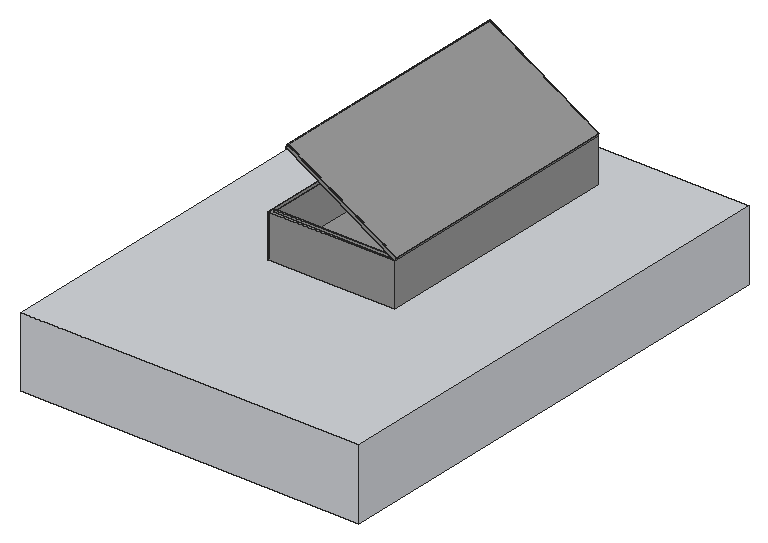
Revit family "Hager-Univers-IP54-D205-H1100-Cl.I-Encl-AT-de", category Equipement électrique, Revit 2020
Family settings
  Hôte = Face
  Configuration du panneau = Deux colonnes, circuits au sein
  Cote de connecteur circulaire = Utiliser le diamètre
  Type d'élément = Tableau de raccordement
  Couper avec des vides une fois chargée = Non
  Partagée = Non
  Point de calcul de pièce = Non
Parameters (values of type "Aufputz IP54 B550 H1100 T205  - FP72TW2")
  Width Control [instance] = if([EF000008 - Breite] > Min Width, [EF000008 - Breite], Min Width)  # 550 mm
  Commentaires du type = [HG000003 - Bereich]  # "Univers"
  Thickness Door [instance] = if([EF009171 - Materialstärke Tür/Deckel] > 3 mm, 3 mm, [EF009171 - Materialstärke Tür/Deckel])  # 1 mm
  Seal Frame Offset [instance] = 17 mm  # constant formula
  Plinth Visibility [instance] = [HG000027 - Sockelhöhe] > 0 mm  # no
  Model = ""
  Min Width [instance] = 100 mm  # constant formula
  Min Height [instance] = 100 mm  # constant formula
  Min Depth [instance] = (2 * [EF009170 - Materialstärke Gehäuse]) + 1 mm  # 3 mm
  Internal Frame Depth [instance] = (Door System Depth * 0.5)  # 9 mm
  Height Control [instance] = if([EF000040 - Höhe] > Min Height, [EF000040 - Höhe], Min Height)  # 1100 mm
  HG000027 - Sockelhöhe = 0 mm
  HG000026 - Stehend auf dem Boden = no
  HG000024 - Höhe des unteren Teils = 800 mm
  HG000023 - Gehäuse mit doppeltem Querschnitt = no
  HG000016 - 3D-Türsichtbarkeit [instance] = yes
  HG000015 - Sichtbarkeit der Türöffnung [instance] = no
  HG000014 - Tür rechts [instance] = yes
  HG000013 - Tür links [instance] = not([HG000014 - Tür rechts])  # no
  HG000012 - Türschwenkwinkel [instance] = 30.00°
  HG000010 - Asymmetrische Türen = no
  HG000009 - Doppelflügeligen Tür = no
  HG000006 - Unterputz = no
  HG000004 - Herstellerreferenz = "FP72TW2"
  HG000003 - Bereich = "Univers"
  HG000002 - Mit tür = yes
  Frame Offset Bottom [instance] = 10 mm  # constant formula
  Frame Offset [instance] = 15 mm  # constant formula
  EF015940 - Deckel mit Überdruckentlastung = no
  EF011959 - Schutzart (NEMA) = ""
  EF009554 - Anzahl der Öffnungen für Flanschplatten = 4
  Fabricant = "Hager"  # constant formula
  EF009212 - Ausführung Deckel = "EV000116 - geschlossen"
  EF009171 - Materialstärke Tür/Deckel = 1 mm
  EF009170 - Materialstärke Gehäuse = 1 mm
  EF008873 - Nennstrom (In) = 250 A
  EF007800 - Geeignet für Blitzschutz = no
  EF006306 - Mit Schloss = no
  EF006244 - Transparenter Deckel/Tür = no
  EF005474 - Schutzart (IP) = "EV006419 - IP54"
  EF004464 - Art der Tür = "EV002646 - Einzel"
  EF004427 - Anzahl der Module = 168
  EF004293 - Schlagfestigkeit = "EV006815 - IK09"
  EF003532 - Geeignet für Außengebrauch = no
  EF002950 - Breite in Teilungseinheiten = 24
  EF001613 - Funktionserhalt = "EV000494 - ohne"
  EF001596 - Werkstoff des Gehäuses = "EV000179 - Stahl"
  EF001131 - Innentiefe = 130 mm
  EF001088 - Anbaumöglichkeit = yes
  EF000437 - Anzahl der Leitungseinführungen = 4
  EF000339 - Art der Abdeckung = "EV001012 - Deckel"
  EF000266 - Anzahl der Reihen = 7
  EF000218 - Einbautiefe = 205 mm
  EF000118 - Mit Montageplatte = no
  EF000116 - RAL-Nummer = "9010"
  EF000049 - Tiefe = 205 mm
  EF000040 - Höhe = 1100 mm
  EF000008 - Breite = 550 mm
  EF000007 - Farbe = "EV000202 - weiß"
  EF000003 - Montageart = "EV000384 - Aufputz"
  Door System Leaf Tolerance [instance] = 1.5 mm  # constant formula
  Door System Depth [instance] = 18 mm  # constant formula
  Door Height [instance] = Height Control - [HG000027 - Sockelhöhe]  # 1100 mm
  Depth Control [instance] = if([EF000049 - Tiefe] > Min Depth, [EF000049 - Tiefe], Min Depth)  # 205 mm
  Default Elevation = 0 mm
  Connector Offset [instance] = Height Control / 2  # 550 mm
  Bottom Top Plate Trim [instance] = 1.5 mm  # constant formula
  Plinth height Ctrl [instance] = if([HG000027 - Sockelhöhe] > 0 mm, [HG000027 - Sockelhöhe], 12 mm)  # 12 mm
Types (3, lengths in mm): name | Width Control | HG000004 - Herstellerreferenz | EF009554 - Anzahl der Öffnungen für Flanschplatten | EF004464 - Art der Tür | EF004427 - Anzahl der Module | EF002950 - Breite in Teilungseinheiten | EF000437 - Anzahl der Leitungseinführungen | EF000008 - Breite
  Aufputz IP54 B1050 H1100 T205  - FP74TW2 | 1050 | "FP74TW2" | 8 | "EV003602 - Doppel" | 336 | 48 | 8 | 1050
  Aufputz IP54 B1300 H1100 T205  - FP75TW2 | 1300 | "FP75TW2" | 10 | "EV003602 - Doppel" | 420 | 60 | 10 | 1300
  Aufputz IP54 B550 H1100 T205  - FP72TW2 | 550 | "FP72TW2" | 4 | "EV002646 - Einzel" | 168 | 24 | 4 | 550
Reference planes
  plane 1 "Center (Front/Back)": y = 0
  plane 2: z = 0
  plane 3 "Center (Left/Right)": x = 0
  plane 4: z = 205
  plane 5: y = 1
  plane 6: y = 550
  plane 7: y = 0
  plane 8: y = 1100
  plane 9: z = 0
  plane 10: x = -260
  plane 11: x = 260
  plane 12: x = 259
  plane 13: x = -259
  plane 14: y = 1099
  plane 15: x = -258
  plane 16: x = -275
  plane 17: x = 258
  plane 18: x = 275
  plane 19: x = 274
  plane 20: x = -274
  plane 21: y = 11
  plane 22: y = 1100
  plane 23: y = 1084
  plane 24: z = 187
  plane 25: z = 1
  plane 26: z = 186
  plane 27: z = 204
Forms (mm)
  Extrusion 1, solid
    sketch origin (0, 0, 0) x (1, 0, 0) y (0, 1, 0)
      loop
        line (-702.964, 1305) -> (-702.964, -811.445) -> (766.763, -811.445) -> (766.763, 1305) -> (-702.964, 1305)
    from 0 to -304.8
  Extrusion 2, solid, material "Hager_Steel_RAL7035_Light_Grey", visible <- "Plinth Visibility", detail levels medium+fine
    sketch origin (0, 0, 0) x (1, 0, 0) y (0, 1, 0)
      loop
        line (-275, 0) -> (275, 0) -> (275, 12) -> (-275, 12) -> (-275, 0)
    from 0 to 187
  Extrusion 3, solid, material "Hager_Steel_RAL7035_Light_Grey", detail levels medium+fine
    sketch origin (0, 0, 0) x (1, 0, 0) y (0, 1, 0)
      loop
        line (-275, 0) -> (275, 0) -> (275, 1100) -> (-275, 1100) -> (-275, 0)
    from 0 to 187
  Extrusion 4, void
    sketch origin (0, 0, 0) x (1, 0, 0) y (0, 1, 0)
      loop
        line (-274, 1) -> (274, 1) -> (274, 1099) -> (-274, 1099) -> (-274, 1)
    from 1 to 186
  Extrusion 5, void
    sketch origin (-381.607, -4572, 187) x (0, -1, 0) y (-1, 0, 0)
      loop
        line (-4583, -122.607) -> (-5656, -122.607) -> (-5656, -640.607) -> (-4583, -640.607) -> (-4583, -122.607)
    from 0 to 1 <- "EF009170 - Materialstärke Gehäuse"
  Extrusion 6, solid, material "Hager_Steel_RAL7035_Light_Grey", detail levels fine
    sketch origin (0, 0, 187) x (1, 0, 0) y (0, 1, 0)
      loop
        line (-259, 1084) -> (-259, 11) -> (259, 11) -> (259, 1084) -> (-259, 1084)
      loop
        line (-260, 10) -> (260, 10) -> (260, 1085) -> (-260, 1085) -> (-260, 10)
    from 0 to 9 <- "Internal Frame Depth"
  Extrusion 7, solid, material "Hager_Steel_RAL7035_Light_Grey", detail levels coarse
    sketch origin (0, 0, 0) x (1, 0, 0) y (0, 1, 0)
      loop
        line (-275, 0) -> (275, 0) -> (275, 1100) -> (-275, 1100) -> (-275, 0)
    from 0 to 205
  Sweep 8, void
    path in 3D
      loop
        line (-275, 12, 0) -> (275, 12, 0) -> (275, 12, 187) -> (-275, 12, 187) -> (-275, 12, 0)
    profile origin (-275, 12, 93.5) x (-1, 0, 0) y (0, -1, 0)
      loop
        line (0, 0) -> (0, 1.5) -> (-1.5, 1.5)
        arc (-1.5, 1.5) -> (-1.061, 0.439) -> (0, 0) r 1.5
Cuts and joins
  Extrusion 4, Extrusion 5 cuts Extrusion 3
  Sweep 8 cuts Extrusion 2
Lines and regions (mm)
  Masking region 1
    outline origin (0, 0, 0) x (1, 0, 0) y (0, 0, 1)
      loop
        line (-275, 205) -> (-275, 0) -> (275, 0) -> (275, 205) -> (-275, 205)
  Masking region 2, detail levels medium+fine
    outline origin (0, 140, 0) x (0, 1, 0) y (0, 0, 1)
      loop
        line (-140, 0) -> (960, 0) -> (960, 187) -> (-140, 187) -> (-140, 0)
  Masking region 3, not visible, detail levels medium+fine
    outline origin (0, 297.922, 0) x (0, 1, 0) y (0, 0, 1)
      loop
        line (263.578, 0) -> (303.578, 0) -> (303.578, 194)
        arc (303.578, 194) -> (300.649, 201.071) -> (293.578, 204) r 10
        line (293.578, 204) -> (263.578, 204) -> (263.578, 0)
  Masking region 4, detail levels coarse
    outline origin (0, 0, 180) x (0, 1, 0) y (0, 0, 1)
      loop
        line (0, -180) -> (1100, -180) -> (1100, 25) -> (0, 25) -> (0, -180)
  Masking region 5, visible <- "Plinth Visibility", detail levels medium+fine
    outline origin (0, 52.24, 12.345) x (0, 0, -1) y (0, 1, 0)
      loop
        line (10.845, -40.24) -> (-173.155, -40.24)
        arc (-173.155, -40.24) -> (-173.594, -41.301) -> (-174.655, -41.74) r 1.5
        line (-174.655, -41.74) -> (-174.655, -52.24) -> (12.345, -52.24) -> (12.345, -41.74)
        arc (12.345, -41.74) -> (11.285, -41.301) -> (10.845, -40.24) r 1.5
  Masking region 6, detail levels medium+fine
    outline origin (-381.607, -4572, 187) x (-1, 0, 0) y (0, -1, 0)
      loop
        line (-106.607, -5672) -> (-106.607, -4572) -> (-656.607, -4572) -> (-656.607, -5672) -> (-106.607, -5672)
  Masking region 7, visible <- "Plinth Visibility", detail levels medium+fine
    outline origin (-381.607, -4727, 187) x (-1, 0, 0) y (0, -1, 0)
      loop
        arc (-108.107, -4739) -> (-107.668, -4737.939) -> (-106.607, -4737.5) r 1.5
        line (-106.607, -4737.5) -> (-106.607, -4727) -> (-656.607, -4727) -> (-656.607, -4737.5)
        arc (-656.607, -4737.5) -> (-655.546, -4737.939) -> (-655.107, -4739) r 1.5
        line (-655.107, -4739) -> (-108.107, -4739)
  Masking region 8, detail levels coarse
    outline origin (-442.548, -4669.526, 187) x (-1, 0, 0) y (0, -1, 0)
      loop
        line (-167.548, -5769.526) -> (-167.548, -4669.526) -> (-717.548, -4669.526) -> (-717.548, -5769.526) -> (-167.548, -5769.526)
  sketch lines
    curve 1: line (-275, 12, 187) -> (-275, 12, 0)
    curve 2: line (275, 12, 187) -> (-275, 12, 187)
    curve 3: line (275, 12, 187) -> (275, 12, 0)
    curve 4: line (-275, 12, 0) -> (275, 12, 0)
Dimensions and locks
  "Depth Control": plane 4 to Extrusion 1
  "HG000027 - Sockelhöhe": plane 1 "Center (Front/Back)" to plane 7
  "EF009170 - Materialstärke Gehäuse": plane 5 to plane 7
  locked: connector elem to plane 3 "Center (Left/Right)"
  equal spacing: plane 8, plane 6, plane 7
  locked: connector elem to plane 6
  "EF009170 - Materialstärke Gehäuse": plane 8 to plane 14
  "EF009170 - Materialstärke Gehäuse": plane 10 to plane 13
  "EF009170 - Materialstärke Gehäuse": plane 12 to plane 11
  "Frame Offset": plane 20 to plane 13
  "Frame Offset": plane 12 to plane 19
  "EF009170 - Materialstärke Gehäuse": plane 16 to plane 20
  "EF009170 - Materialstärke Gehäuse": plane 19 to plane 18
  "Seal Frame Offset": plane 16 to plane 15
  "Seal Frame Offset": plane 17 to plane 18
  "Frame Offset Bottom": plane 21 to plane 5
  "Frame Offset": plane 14 to plane 23
  equal spacing: plane 16, plane 3 "Center (Left/Right)", plane 18
  "Width Control": plane 16 to plane 18
  "EF009170 - Materialstärke Gehäuse": plane 4 to plane 27
  "EF009170 - Materialstärke Gehäuse": plane 24 to plane 26
  "EF009170 - Materialstärke Gehäuse": plane 25 to level
  "Door System Depth": plane 4 to plane 24
  "Height Control": plane 1 "Center (Front/Back)" to Extrusion 7 sketch curve
  "Height Control": Masking region 4 sketch curve to plane 1 "Center (Front/Back)"
  "Height Control": plane 1 "Center (Front/Back)" to plane 22
  "Bottom Top Plate Trim": profile plane to Sweep 8 sketch curve
  "Bottom Top Plate Trim": Sweep 8 sketch curve to profile plane
  "Plinth height Ctrl": plane 1 "Center (Front/Back)" to Extrusion 2 sketch curve
  "Plinth height Ctrl": Masking region 5 sketch curve to plane 1 "Center (Front/Back)"
  "Plinth height Ctrl": plane 1 "Center (Front/Back)" to Masking region 7 sketch curve
  "Thickness Door": Extrusion 6 sketch curve to Extrusion 6 sketch curve  (x3)
  "Thickness Door": cut or joined group of Extrusion 3, Extrusion 4, Extrusion 5 to Extrusion 6 sketch curve
  radius of Masking region 3 sketch curve = 10 mm
  "Bottom Top Plate Trim": radius of Masking region 5 sketch curve  (x2)
  "Bottom Top Plate Trim": radius of Sweep 8 sketch curve
  "Bottom Top Plate Trim": radius of Masking region 7 sketch curve  (x2)
  aligned and locked: plane 2 to Extrusion 1
  aligned and locked: level to Extrusion 1
  aligned and locked: level to Masking region 1 sketch curve
  aligned and locked: Masking region 1 sketch curve to plane 18
  aligned and locked: Masking region 1 sketch curve to plane 16
  aligned and locked: plane 7 to Masking region 2 sketch curve
  aligned and locked: level to Masking region 3 sketch curve
  aligned and locked: Masking region 3 sketch curve to plane 27
  aligned and locked: level to Masking region 2 sketch curve
  aligned and locked: plane 1 "Center (Front/Back)" to Extrusion 2 sketch curve
  aligned and locked: Extrusion 3 sketch curve to plane 7
  aligned and locked: plane 16 to Extrusion 3 sketch curve
  aligned and locked: plane 18 to Extrusion 3 sketch curve
  aligned and locked: plane 20 to Extrusion 4 sketch curve
  aligned and locked: plane 19 to Extrusion 4 sketch curve
  aligned and locked: Extrusion 4 sketch curve to plane 5
  aligned and locked: Extrusion 4 to plane 25
  aligned and locked: plane 26 to Extrusion 4
  aligned and locked: plane 24 to Extrusion 3
  aligned and locked: Extrusion 5 sketch curve to plane 21
  aligned and locked: Extrusion 5 sketch curve to plane 13
  aligned and locked: Extrusion 5 sketch curve to plane 12
  aligned and locked: plane 18 to Extrusion 7 sketch curve
  aligned and locked: plane 1 "Center (Front/Back)" to Extrusion 7 sketch curve
  aligned and locked: plane 16 to Extrusion 7 sketch curve
  aligned and locked: plane 4 to Extrusion 7
  aligned and locked: Extrusion 7 to level
  aligned and locked: level to Masking region 4 sketch curve
  aligned and locked: Masking region 4 sketch curve to plane 1 "Center (Front/Back)"
  aligned and locked: Masking region 4 sketch curve to plane 4
  aligned and locked: nested 1 to level
  aligned and locked: nested 1 to plane 16
  aligned and locked: plane 8 to Extrusion 3 sketch curve
  aligned and locked: plane 23 to Extrusion 5 sketch curve
  aligned and locked: plane 14 to Extrusion 4 sketch curve
  aligned and locked: Masking region 2 sketch curve to plane 8
  aligned and locked: level to Masking region 5 sketch curve
  aligned and locked: plane 16 to Extrusion 2 sketch curve
  aligned and locked: plane 18 to Extrusion 2 sketch curve
  aligned and locked: Masking region 5 sketch curve to plane 24
  aligned and locked: Masking region 2 sketch curve to plane 24
  aligned and locked: plane 24 to Extrusion 2
  aligned and locked: profile plane to Sweep 8 sketch curve  (x2)
  aligned and locked: Masking region 6 sketch curve to plane 18
  aligned and locked: Masking region 6 sketch curve to plane 22
  aligned and locked: Masking region 6 sketch curve to plane 16
  aligned and locked: plane 8 to plane 22
  aligned and locked: plane 7 to Masking region 6 sketch curve
  aligned and locked: Masking region 7 sketch curve to plane 16
  aligned and locked: Masking region 7 sketch curve to plane 1 "Center (Front/Back)"
  aligned and locked: Masking region 7 sketch curve to plane 18
  aligned and locked: Masking region 8 sketch curve to plane 1 "Center (Front/Back)"
  aligned and locked: Masking region 8 sketch curve to plane 18
  aligned and locked: Masking region 8 sketch curve to plane 22
  aligned and locked: Masking region 8 sketch curve to plane 16
  aligned and locked: nested 2 to plane 7
  aligned and locked: plane 3 "Center (Left/Right)" to nested 2
  aligned and locked: nested 2 to plane 24
  aligned and locked: Extrusion 6 sketch curve to cut or joined group of Extrusion 3, Extrusion 4, Extrusion 5  (x4)
Automatic sketch dimensions
  Extrusion 1 sketch curve to Extrusion 1 sketch curve = 1469.727 mm
  Extrusion 1 sketch curve to Extrusion 1 sketch curve = 2116.445 mm
  Masking region 1 sketch curve to plane 4 = 0 mm
  plane 6 to Masking region 3 sketch curve = 11.5 mm
  Masking region 3 sketch curve to Masking region 3 sketch curve = 30 mm
  Masking region 5 sketch curve to plane 1 "Center (Front/Back)" = 0 mm
Nested families
  nested 1: "Hager_Enclosure_Symbol" at (-275, 0, 0) x (1, 0, 0) z (0, -1, 0), Height <- "Depth Control", Width <- "Width Control", type "Hager_Enclosure_Symbol"
    with Width_Ctrl 550 mm, Width 550 mm, Height_Ctrl 205 mm, Height 205 mm, A_Width_Int 13.453 mm, A_Width 161.438 mm, A_Height_Ctrl 179.375 mm, A_Height 179.375 mm
  nested 2: "EC000058_Univers_Door" at (0, 0, 187) x (1, 0, 0) z (0, 1, 0), Leaf_Tolerance <- "Door System Leaf Tolerance", Angle <- "HG000012 - Türschwenkwinkel", Door_Depth <- "Door System Depth", Door_Left <- "HG000013 - Tür links", Transparent <- "EF006244 - Transparenter Deckel/Tür", Assymetrical <- "HG000010 - Asymmetrische Türen", Width <- "Width Control", Clearance <- "HG000015 - Sichtbarkeit der Türöffnung", Double <- "HG000009 - Doppelflügeligen Tür", 3d_Door <- "HG000016 - 3D-Türsichtbarkeit", Lock_Visibility <- "EF006306 - Mit Schloss", Width_Ctrl <- "Width Control", Door_Right <- "HG000014 - Tür rechts", Door <- "HG000002 - Mit tür", Height <- "Door Height", Thickness <- "Thickness Door", type "EC000058_Univers_Door", detail levels medium+fine
    with min_wh 3 mm, Width_Ctrl 550 mm, Width 550 mm, Transparent no, Thickness 1 mm, Seal_Material Hager_Rubber, Lock_Visibility no, Lock_Material Hager_Plastic_RAL9005_Jet_Black, Leaf_Width 550 mm, Leaf_Tolerance_External_Sides 0 mm, Leaf_Tolerance 1.5 mm, Leaf_Offset 0 mm, Leaf_Height 1097 mm, Leaf_2_Width 550 mm, Leaf_2_Offset 275 mm, Leaf_1_Width 550 mm, Leaf_1_Offset 275 mm, Height_Ctrl 1100 mm, Height 1100 mm, Glass_Material Hager_Glass, Double_Clearance_Ctrl no, Double no, Door_Right_Ctrl yes, Door_Right yes, Door_Material Hager_Steel_RAL7035_Light_Grey, Door_Left_Ctrl no, Door_Left no, Door_Depth 18 mm, Door yes, Clearance_Material Hager_Clearance, Clearance_Depth 550 mm, Clearance_Ctrl no, Clearance no, Assymetrical no, Angle 30.00°, 3d_Door yes
Connectors
  electrical at (0, 550, 0)
    settings: on plane 9, index 1, voltage 0 V, apparent load 0 VA, apparent load phase1 0 VA, apparent load phase2 0 VA, apparent load phase3 0 VA, power factor 1, load classification "Other", number of poles 1, system type 30, power factor state 1, is connector primary yes, connector utility no, sub classification motor no, connector description ""
Definition of nested family "EC000058_Univers_Door"
  Parameters (values of type "EC000058_Univers_Door")
    min_wh [instance] = (2 * Thickness) + 1 mm  # 11 mm
    Width_Ctrl [instance] = 400 mm
    Width [instance] = 500 mm
    Transparent [instance] = yes
    Thickness [instance] = 5 mm
    Seal_Material [instance] = none
    Lock_Visibility [instance] = yes
    Lock_Material [instance] = none
    Leaf_Width [instance] = if((Width_Ctrl - 2 * Leaf_Tolerance_External_Sides) > 0 mm, (Width_Ctrl - 2 * Leaf_Tolerance_External_Sides), min_wh)  # 400 mm
    Leaf_Tolerance_External_Sides [instance] = 0 mm  # constant formula
    Leaf_Tolerance [instance] = 1.5 mm
    Leaf_Offset [instance] = 0 mm  # constant formula
    Leaf_Height [instance] = if((Height_Ctrl - 2 * Leaf_Tolerance) > 0 mm, (Height_Ctrl - 2 * Leaf_Tolerance), min_wh)  # 497 mm
    Leaf_2_Width [instance] = if(and(and(Double, Assymetrical), Door_Left), (Leaf_Width / 3) - (Leaf_Tolerance / 2), if(and(and(Double, Assymetrical), Door_Right), (Leaf_Width / 3) * 2 - (Leaf_Tolerance / 2), if(and(Double, not(Assymetrical)), (Leaf_Width / 2) - Leaf_Tolerance, Leaf_Width)))  # 400 mm
    Leaf_2_Offset [instance] = if(and(Double, Assymetrical), Leaf_2_Width / 2, if(and(Double, not(Assymetrical)), Leaf_Width / 4, Leaf_Width / 2))  # 200 mm
    Leaf_1_Width [instance] = if(and(and(Double, Assymetrical), Door_Right), (Leaf_Width / 3) - (Leaf_Tolerance / 2), if(and(and(Double, Assymetrical), Door_Left), (Width / 3) * 2 - (Leaf_Tolerance / 2), if(and(Double, not(Assymetrical)), (Leaf_Width / 2) - Leaf_Tolerance, Leaf_Width)))  # 400 mm
    Leaf_1_Offset [instance] = if(and(Double, Assymetrical), Leaf_1_Width / 2, if(and(Double, not(Assymetrical)), Leaf_Width / 4, Leaf_Width / 2))  # 200 mm
    Height_Ctrl [instance] = if(Height > min_wh, Height, min_wh)  # 500 mm
    Height [instance] = 500 mm
    Glass_Material [instance] = none
    Double_Clearance_Ctrl [instance] = and(Double, Clearance)  # no
    Double [instance] = no
    Door_Right_Ctrl [instance] = and(or(Door_Right, Double), Door)  # yes
    Door_Right [instance] = yes
    Door_Material [instance] = none
    Door_Left_Ctrl [instance] = and(or(Door_Left, Double), Door)  # no
    Door_Left [instance] = no
    Door_Depth [instance] = 30 mm
    Door [instance] = yes
    Default Elevation = 1219.2 mm
    Clearance_Material [instance] = none
    Clearance_Depth [instance] = if(Leaf_1_Width > Leaf_2_Width, Leaf_1_Width, Leaf_2_Width)  # 400 mm
    Clearance_Ctrl [instance] = and(not(Double), Clearance)  # yes
    Clearance [instance] = yes
    Assymetrical [instance] = yes
    Angle [instance] = 30.00°
    3d_Door [instance] = yes
  Reference planes
    plane 1 "Center (Front/Back)": y = 0
    plane 2 "Bottom": z = 0
    plane 3 "Center (Left/Right)": x = 0
    plane 4: z = 500
    plane 5: x = -200
    plane 6: x = 200
    plane 7: z = 500
    plane 8: x = -200
    plane 9: z = 0
    plane 10: x = 200
    plane 11: y = 0
    plane 12: z = 1.5
    plane 13: x = -600
    plane 14: y = -400
    plane 15: x = 600
    plane 16: x = 0
    plane 17: x = 0
    plane 18: x = -200
    plane 19: x = 200
    plane 20: z = 498.5
  Forms (mm)
    Extrusion 1, solid, material <- "Clearance_Material", visible <- "Double_Clearance_Ctrl"
      sketch origin (1200, 0, 0) x (1, 0, 0) y (0, 0, -1)
        loop
          line (-1800, -498.5) -> (-600, -498.5) -> (-600, 0) -> (-1800, 0) -> (-1800, -498.5)
      from 0 to -400
  Dimensions and locks
    equal spacing: plane 5, plane 3 "Center (Left/Right)", plane 6
    "Width_Ctrl": plane 5 to plane 6
    "Leaf_Offset": plane 5 to plane 8
    "Leaf_Offset": plane 6 to plane 10
    "Leaf_Offset": plane 9 to level
    "Leaf_Offset": plane 4 to plane 7
    "Height_Ctrl": plane 4 to level
    "Leaf_Tolerance": plane 12 to plane 9
    locked: plane 11 to plane 1 "Center (Front/Back)"
    "Leaf_1_Offset": plane 18 to plane 16
    "Leaf_2_Offset": plane 17 to plane 19
    "Leaf_1_Width": plane 13 to plane 8
    "Leaf_2_Width": plane 10 to plane 15
    "Clearance_Depth": plane 14 to plane 1 "Center (Front/Back)"
    "Leaf_Tolerance_External_Sides": plane 8 to plane 18
    "Leaf_Tolerance_External_Sides": plane 19 to plane 10
    "Leaf_Tolerance": plane 7 to plane 20
    aligned and locked: level to plane 2 "Bottom"
    aligned and locked: nested 1 to plane 16
    aligned and locked: nested 2 to plane 17
    aligned and locked: Extrusion 1 to plane 13
    aligned and locked: plane 15 to Extrusion 1
    aligned and locked: Extrusion 1 to plane 14
    aligned and locked: plane 12 to nested 1
    aligned and locked: nested 2 to plane 12
    aligned and locked: Extrusion 1 to plane 11
    aligned and locked: plane 20 to Extrusion 1
    aligned and locked: nested 2 to plane 11
    aligned and locked: nested 1 to plane 11
  Automatic sketch dimensions
    Extrusion 1 sketch curve to level = 0 mm
    plane 5 to Extrusion 1 sketch curve = 400 mm
    plane 6 to Extrusion 1 sketch curve = 400 mm
    Extrusion 1 sketch curve to plane 4 = 1.5 mm
  Nested families
    nested 1: "EC000058_Univers_Door_Leaf" at (0, 0, 1.5), Width <- "Leaf_1_Width", visible <- "Door_Left_Ctrl", Leaf_Height <- "Leaf_Height", Angle <- "Angle", 3d_Door <- "3d_Door", Transparent <- "Transparent", Clearance Material <- "Clearance_Material", Clearance <- "Clearance_Ctrl", Door_Material <- "Door_Material", Glass_Material <- "Glass_Material", Door_Depth <- "Door_Depth", Lock_Material <- "Lock_Material", Seal_Material <- "Seal_Material", Lock_Visibility <- "Lock_Visibility", Thickness <- "Thickness", type "EC000058_Univers_Door_Leaf"
      with Width 400 mm, Transparent_Glass_Offset 30 mm, Transparent_Ctrl yes, Transparent yes, Thickness 5 mm, Standard no, Seal_Material none, Seal_D2 8 mm, Seal_D1 1 mm, Offset_Internal_Frame 10 mm, Lock_Width 20 mm, Lock_Visibility_3d yes, Lock_Visibility yes, Lock_Thickness_3 3 mm, Lock_Thickness_2 1 mm, Lock_Thickness_1 3 mm, Lock_Radius_Offset_2 16 mm, Lock_Radius_Offset_1 15 mm, Lock_Radius_2 5 mm, Lock_Radius 6 mm, Lock_Offset 5 mm, Lock_Material none, Lock_Height 80 mm, Lock_Cover_Top_Offset_2d 17 mm, Lock_Cover_Height -65 mm, Leaf_Height 497 mm, Internal_Seal_Thickness 8 mm, Internal_Seal_Depth_2 4.5 mm, Internal_Frame_Depth 25 mm, Glass_Thickness -1 mm, Glass_Offset -2 mm, Glass_Material none, Door_Material none, Door_Depth 30 mm, Clearance Material none, Clearance yes, Angle_Ctrl 30.00°, Angle 30.00°, 3d_Door yes
    nested 2: "EC000058_Univers_Door_Leaf" at (0, 0, 1.5) x (-1, 0, 0) z (0, 0, 1), Width <- "Leaf_2_Width", visible <- "Door_Right_Ctrl", Leaf_Height <- "Leaf_Height", Angle <- "Angle", 3d_Door <- "3d_Door", Transparent <- "Transparent", Clearance Material <- "Clearance_Material", Clearance <- "Clearance_Ctrl", Door_Material <- "Door_Material", Glass_Material <- "Glass_Material", Door_Depth <- "Door_Depth", Lock_Material <- "Lock_Material", Seal_Material <- "Seal_Material", Lock_Visibility <- "Lock_Visibility", Thickness <- "Thickness", type "EC000058_Univers_Door_Leaf"
      with Width 400 mm, Transparent_Glass_Offset 30 mm, Transparent_Ctrl yes, Transparent yes, Thickness 5 mm, Standard no, Seal_Material none, Seal_D2 8 mm, Seal_D1 1 mm, Offset_Internal_Frame 10 mm, Lock_Width 20 mm, Lock_Visibility_3d yes, Lock_Visibility yes, Lock_Thickness_3 3 mm, Lock_Thickness_2 1 mm, Lock_Thickness_1 3 mm, Lock_Radius_Offset_2 16 mm, Lock_Radius_Offset_1 15 mm, Lock_Radius_2 5 mm, Lock_Radius 6 mm, Lock_Offset 5 mm, Lock_Material none, Lock_Height 80 mm, Lock_Cover_Top_Offset_2d 17 mm, Lock_Cover_Height -65 mm, Leaf_Height 497 mm, Internal_Seal_Thickness 8 mm, Internal_Seal_Depth_2 4.5 mm, Internal_Frame_Depth 25 mm, Glass_Thickness -1 mm, Glass_Offset -2 mm, Glass_Material none, Door_Material none, Door_Depth 30 mm, Clearance Material none, Clearance yes, Angle_Ctrl 30.00°, Angle 30.00°, 3d_Door yes
  Definition of nested family "EC000058_Univers_Door_Leaf"
    Parameters (values of type "EC000058_Univers_Door_Leaf")
      Width [instance] = 2000 mm
      Transparent_Glass_Offset [instance] = 30 mm
      Transparent_Ctrl [instance] = and(Transparent, [3d_Door])  # yes
      Transparent [instance] = yes
      Thickness [instance] = 5 mm
      Standard [instance] = and(not(Transparent), [3d_Door])  # no
      Seal_Material [instance] = none
      Seal_D2 [instance] = 8 mm  # constant formula
      Seal_D1 [instance] = 1 mm  # constant formula
      Offset_Internal_Frame [instance] = 10 mm  # constant formula
      Lock_Width [instance] = 20 mm  # constant formula
      Lock_Visibility_3d [instance] = and(Lock_Visibility, [3d_Door])  # yes
      Lock_Visibility [instance] = yes
      Lock_Thickness_3 [instance] = 3 mm  # constant formula
      Lock_Thickness_2 [instance] = 1 mm  # constant formula
      Lock_Thickness_1 [instance] = 3 mm  # constant formula
      Lock_Radius_Offset_2 [instance] = Lock_Radius_Offset_1 + 1 mm  # 16 mm
      Lock_Radius_Offset_1 [instance] = 15 mm  # constant formula
      Lock_Radius_2 [instance] = Lock_Radius - 1 mm  # 5 mm
      Lock_Radius [instance] = 6 mm  # constant formula
      Lock_Offset [instance] = 5 mm  # constant formula
      Lock_Material [instance] = none
      Lock_Height [instance] = 80 mm  # constant formula
      Lock_Cover_Top_Offset_2d [instance] = Lock_Radius_Offset_2 + 1 mm  # 17 mm
      Lock_Cover_Height [instance] = -(Lock_Height - Lock_Radius_Offset_1)  # -65 mm
      Leaf_Height [instance] = 2720.336 mm
      Internal_Seal_Thickness [instance] = 8 mm  # constant formula
      Internal_Seal_Depth_2 [instance] = 4.5 mm  # constant formula
      Internal_Frame_Depth [instance] = if(Door_Depth - Thickness > 5 mm, Door_Depth - Thickness, 5 mm)  # 25 mm
      Glass_Thickness [instance] = if(Thickness > 15 mm, Glass_Offset + 10 mm, -1 mm)  # -1 mm
      Glass_Offset [instance] = if(Thickness > 15 mm, -(Thickness + 10 mm) / 2, -2 mm)  # -2 mm
      Glass_Material [instance] = none
      Door_Material [instance] = none
      Door_Depth [instance] = 30 mm
      Default Elevation = 0 mm
      Clearance Material [instance] = none
      Clearance [instance] = yes
      Angle_Ctrl [instance] = if(Angle > 180.00°, 180.00°, Angle)  # 90.00°
      Angle [instance] = 90.00°
      3d_Door [instance] = yes
    Reference planes
      plane 1 "Center (Front/Back)": y = 0
      plane 2: z = 0
      plane 3 "Center (Left/Right)": x = 0
      plane 4: y = 2000
      plane 5: x = -1000
      plane 6: x = 1000
      plane 7: x = -3000
      plane 8: z = 2720.336
      plane 9: z = 30
      plane 10: z = 2690.336
      plane 11: x = 970
      plane 12: x = -970
      plane 13: y = -3
      plane 14: z = 107.833
      plane 15: y = -5
      plane 16: y = -223.314
      plane 17: x = -1000
      plane 18: z = 1360.168
      plane 19: y = 30
    Forms (mm)
      Extrusion 1, solid, material <- "Clearance Material", visible <- "Clearance"
        sketch origin (0, 0, 0) x (1, 0, 0) y (0, 0, 1)
          loop
            line (-3000, 2720.336) -> (-3000, 0) -> (1000, 0) -> (1000, 2720.336) -> (-3000, 2720.336)
        from 0 to -2000
      Extrusion 2, solid, material <- "Door_Material", visible <- "Standard", detail levels medium+fine
        sketch origin (-1000, 0, 0) x (0, 1, 0) y (-1, 0, 0)
          loop
            line (0, 30) -> (0, 25) -> (2000, 25) -> (2000, 30) -> (0, 30)
        from 0 to 2720.336 <- "Leaf_Height"
      Extrusion 3, solid, material <- "Door_Material", visible <- "Transparent_Ctrl", detail levels medium+fine
        sketch origin (-1000, 0, 0) x (0, 1, 0) y (-1, 0, 0)
          loop
            line (0, 25) -> (2000, 25) -> (2000, 30) -> (0, 30) -> (0, 25)
        from 0 to 2720.336 <- "Leaf_Height"
      Extrusion 4, void
        sketch origin (-1025, 2000, 0) x (0, 1, 0) y (0, 0, -1)
          loop
            line (-30, -2690.336) -> (-30, -30) -> (-1970, -30) -> (-1970, -2690.336) -> (-30, -2690.336)
        from 0 to 5 <- "Thickness"
      Sweep 5, solid, material <- "Seal_Material", visible <- "Transparent_Ctrl", detail levels fine
        path in 3D
          loop
            line (-1025, 30, 30) -> (-1025, 30, 2690.336) -> (-1025, 1970, 2690.336) -> (-1025, 1970, 30) -> (-1025, 30, 30)
        profile origin (-1025, 1000, 30) x (1, 0, 0) y (0, 0, 1)
          loop
            line (0, 0) -> (0, -8) -> (1, -8) -> (1, 0) -> (0, 0)
      Extrusion 6, solid, material <- "Glass_Material", visible <- "Transparent_Ctrl", detail levels medium+fine
        sketch origin (-1030, 0, 0) x (0, 1, 0) y (0, 0, -1)
          loop
            line (1970, -2690.336) -> (1970, -30) -> (30, -30) -> (30, -2690.336) -> (1970, -2690.336)
        from -2 <- "Glass_Offset" to -1 <- "Glass_Thickness"
      Extrusion 7, solid, material <- "Door_Material", visible <- "3d_Door", detail levels medium+fine
        sketch origin (-1025, 2000, 0) x (0, -1, 0) y (0, 0, -1)
          loop
            line (0, -2720.336) -> (2000, -2720.336) -> (2000, 0) -> (0, 0) -> (0, -2720.336)
          loop
            line (1995, -5) -> (5, -5) -> (5, -2715.336) -> (1995, -2715.336) -> (1995, -5)
        from 0 to 25 <- "Internal_Frame_Depth"
      Sweep 8, solid, material <- "Seal_Material", visible <- "Transparent_Ctrl", detail levels fine
        path in 3D
          loop
            line (-1025, 0, 0) -> (-1025, 2000, 0) -> (-1025, 2000, 2720.336) -> (-1025, 0, 2720.336) -> (-1025, 0, 0)
        profile origin (-1025, 0, 1360.168) x (1, 0, 0) y (0, 1, 0)
          loop
            line (0, 10) -> (2.975, 10)
            arc (2.975, 10) -> (4.053, 10.447) -> (4.5, 11.525) r 1.525
            line (4.5, 11.525) -> (4.5, 16.527)
            arc (4.5, 16.527) -> (4.069, 17.569) -> (3.027, 18) r 1.473
            line (3.027, 18) -> (0, 18) -> (0, 10)
      Extrusion 9, solid, material <- "Lock_Material", visible <- "Lock_Visibility_3d", detail levels fine
        sketch origin (-1030, 0, 0) x (0, 1, 0) y (0, 0, -1)
          loop
            arc (1993.5, -1400.168) -> (1994.561, -1399.729) -> (1995, -1398.668) r 1.5
            line (1995, -1398.668) -> (1995, -1320.168) -> (1975, -1320.168) -> (1975, -1398.668)
            arc (1975, -1398.668) -> (1975.439, -1399.729) -> (1976.5, -1400.168) r 1.5
            line (1976.5, -1400.168) -> (1993.5, -1400.168)
        from 3 <- "Lock_Thickness_1" to 0
      Blend 10, solid, material <- "Lock_Material", visible <- "Lock_Visibility_3d", detail levels fine
        base sketch origin (-1033, 0, 0) x (0, 1, 0) y (0, 0, -1)
          loop
            line (1975, -1320.168) -> (1975, -1398.668)
            arc (1975, -1398.668) -> (1975.439, -1399.729) -> (1976.5, -1400.168) r 1.5
            line (1976.5, -1400.168) -> (1993.5, -1400.168)
            arc (1993.5, -1400.168) -> (1994.561, -1399.729) -> (1995, -1398.668) r 1.5
            line (1995, -1398.668) -> (1995, -1320.168) -> (1975, -1320.168)
        top sketch origin (-1033, 0, 0) x (0, 1, 0) y (0, 0, -1)
          loop
            line (1976, -1320.168) -> (1976, -1398.668)
            arc (1976, -1398.668) -> (1976.146, -1399.022) -> (1976.5, -1399.168) r 0.5
            line (1976.5, -1399.168) -> (1993.5, -1399.168)
            arc (1993.5, -1399.168) -> (1993.854, -1399.022) -> (1994, -1398.668) r 0.5
            line (1994, -1398.668) -> (1994, -1320.168) -> (1976, -1320.168)
        from 0 to 1 <- "Lock_Thickness_2"
      Blend 11, solid, material <- "Lock_Material", visible <- "Lock_Visibility_3d", detail levels fine
        base sketch origin (-1034, 0, 0) x (0, 1, 0) y (0, 0, -1)
          loop
            line (1978, -1320.168) -> (1978, -1384.168)
            arc (1978, -1384.168) -> (1985, -1391.168) -> (1992, -1384.168) r 7
            line (1992, -1384.168) -> (1992, -1320.168) -> (1978, -1320.168)
        top sketch origin (-1034, 0, 0) x (0, 1, 0) y (0, 0, -1)
          loop
            line (1991, -1320.168) -> (1979, -1320.168) -> (1979, -1383.168)
            arc (1979, -1383.168) -> (1985, -1389.168) -> (1991, -1383.168) r 6
            line (1991, -1383.168) -> (1991, -1320.168)
        from 0 to 3 <- "Lock_Thickness_3"
      Extrusion 12, solid, material <- "Lock_Material", visible <- "Lock_Visibility_3d", detail levels fine
        sketch origin (-1030, 1975, 1320.168) x (1, 0, 0) y (0, -1, 0)
          loop
            line (-7, -19) -> (-7, -1) -> (0, -1) -> (0, 0) -> (-8, 0) -> (-8, -20) -> (0, -20) -> (0, -19) -> (-7, -19)
        from 0 to -65 <- "Lock_Cover_Height"
      Extrusion 13, void
        sketch origin (-1038, 1995, 1320.168) x (-1, 0, 0) y (0, 0, -1)
          loop
            line (-5, -65) -> (0, -65) -> (-5, -60) -> (-5, -65)
        from 0 to 20 <- "Lock_Width"
      Extrusion 14, void
        sketch origin (-1038, 1975, 1320.168) x (0, -1, 0) y (0, 0, -1)
          loop
            circle (-10, -15.995) r 6
          loop
            circle (-10, -15.995) r 5
        from 0 to 2
      Extrusion 15, solid, material <- "Lock_Material", visible <- "Lock_Visibility_3d", detail levels medium
        sketch origin (-1030, 0, 0) x (0, 1, 0) y (0, 0, -1)
          loop
            arc (1993.5, -1400.168) -> (1994.561, -1399.729) -> (1995, -1398.668) r 1.5
            line (1995, -1398.668) -> (1995, -1320.168) -> (1975, -1320.168) -> (1975, -1398.668)
            arc (1975, -1398.668) -> (1975.439, -1399.729) -> (1976.5, -1400.168) r 1.5
            line (1976.5, -1400.168) -> (1993.5, -1400.168)
        from 8 to 0
    Cuts and joins
      Extrusion 4 cuts Extrusion 3
      Extrusion 13, Extrusion 14 cuts Extrusion 9
      Extrusion 14 cuts Blend 11
      Extrusion 13, Extrusion 14 cuts Extrusion 12
      joined: Extrusion 9, Blend 10, Blend 11, Extrusion 12
      Extrusion 14 cuts Extrusion 15
    Lines and regions (mm)
      Masking region 1, visible <- "Lock_Visibility", detail levels fine
        outline origin (0, 0, 0) x (0, 1, 0) y (0, 0, 1)
          loop
            line (30, 1320.168) -> (33, 1320.168) -> (33, 1400.168) -> (30, 1400.168) -> (30, 1320.168)
      Masking region 2, visible <- "Lock_Visibility", detail levels fine
        outline origin (0, 3.143, 0) x (0, 1, 0) y (0, 0, 1)
          loop
            line (29.857, 1354.168) -> (30.857, 1354.168) -> (30.857, 1366.168) -> (29.857, 1366.168) -> (29.857, 1354.168)
      Masking region 3, detail levels medium+fine
        outline origin (0, 0, 0) x (0, 1, 0) y (0, 0, 1)
          loop
            line (0, 0) -> (30, 0) -> (30, 2720.336) -> (0, 2720.336) -> (0, 0)
      Masking region 4, detail levels medium+fine
        outline origin (0, 0, 0) x (1, 0, 0) y (0, 0, 1)
          loop
            line (-1000, 2720.336) -> (-1000, 0) -> (1000, 0) -> (1000, 2720.336) -> (-1000, 2720.336)
      Masking region 5, visible <- "Lock_Visibility", detail levels fine
        outline origin (-47.116, 0, 0) x (1, 0, 0) y (0, 0, 1)
          loop
            arc (1024.616, 1399.168) -> (1023.556, 1398.729) -> (1023.116, 1397.668) r 1.5
            line (1023.116, 1397.668) -> (1023.116, 1320.168) -> (1041.116, 1320.168) -> (1041.116, 1397.668)
            arc (1041.116, 1397.668) -> (1040.677, 1398.729) -> (1039.616, 1399.168) r 1.5
            line (1039.616, 1399.168) -> (1024.616, 1399.168)
      Masking region 6, visible <- "Lock_Visibility", detail levels medium+fine
        outline origin (-25, 0, 0) x (1, 0, 0) y (0, 0, 1)
          loop
            arc (1001.5, 1400.168) -> (1000.439, 1399.729) -> (1000, 1398.668) r 1.5
            line (1000, 1398.668) -> (1000, 1320.168) -> (1020, 1320.168) -> (1020, 1398.668)
            arc (1020, 1398.668) -> (1019.561, 1399.729) -> (1018.5, 1400.168) r 1.5
            line (1018.5, 1400.168) -> (1001.5, 1400.168)
      Masking region 7, visible <- "Lock_Visibility", detail levels fine
        outline origin (-73.735, 0, 0) x (1, 0, 0) y (0, 0, 1)
          loop
            line (1051.735, 1382.168) -> (1065.735, 1382.168) -> (1065.735, 1384.168)
            arc (1065.735, 1384.168) -> (1058.735, 1391.168) -> (1051.735, 1384.168) r 7
            line (1051.735, 1384.168) -> (1051.735, 1382.168)
      Masking region 8, visible <- "Lock_Visibility", detail levels fine
        outline origin (-73.735, 0, 0) x (1, 0, 0) y (0, 0, 1)
          loop
            line (1052.735, 1382.168) -> (1064.735, 1382.168) -> (1064.735, 1383.168)
            arc (1064.735, 1383.168) -> (1058.735, 1389.168) -> (1052.735, 1383.168) r 6
            line (1052.735, 1383.168) -> (1052.735, 1382.168)
      Masking region 9, visible <- "Lock_Visibility", detail levels fine
        outline origin (-25, 0, 0) x (1, 0, 0) y (0, 0, 1)
          loop
            line (1020, 1320.168) -> (1020, 1382.168) -> (1000, 1382.168) -> (1000, 1320.168) -> (1020, 1320.168)
      Masking region 10, detail levels medium+fine
        outline origin (0, 0, 0) x (1, 0, 0) y (0, 0, 1)
          loop
            circle (985, 1335.144) r 6
      Masking region 11, detail levels fine
        outline origin (0, 0, 0) x (1, 0, 0) y (0, 0, 1)
          loop
            circle (985, 1335.144) r 5
      Masking region 12, visible <- "Lock_Visibility", detail levels fine
        outline origin (0, 12.767, 0) x (0, 1, 0) y (0, 0, 1)
          loop
            line (20.233, 1320.168) -> (21.233, 1320.168) -> (21.233, 1399.168) -> (20.233, 1400.168) -> (20.233, 1320.168)
      Masking region 13, visible <- "Lock_Visibility", detail levels fine
        outline origin (0, 13.767, -10) x (0, 1, 0) y (0, 0, 1)
          loop
            line (20.233, 1330.168) -> (23.233, 1330.168) -> (23.233, 1399.168) -> (20.233, 1402.168) -> (20.233, 1330.168)
      Masking region 14, visible <- "Lock_Visibility", detail levels fine
        outline origin (0, 12.767, -10) x (0, 1, 0) y (0, 0, 1)
          loop
            line (20.233, 1330.168) -> (25.233, 1330.168) -> (25.233, 1399.305) -> (20.233, 1394.305) -> (20.233, 1330.168)
      Masking region 15, visible <- "Lock_Visibility", detail levels medium
        outline origin (0, 0, 0) x (0, 1, 0) y (0, 0, 1)
          loop
            line (30, 1320.168) -> (38, 1320.168) -> (38, 1400.168) -> (30, 1400.168) -> (30, 1320.168)
      Masking region 16, visible <- "Lock_Visibility", detail levels fine
        outline origin (-1000, 0, 0) x (0, 1, 0) y (-1, 0, 0)
          loop
            line (1975, 30) -> (1995, 30) -> (1995, 38) -> (1975, 38) -> (1975, 30)
          loop
            line (1979, 37) -> (1976, 37) -> (1976, 34) -> (1978, 34) -> (1979, 37)
          loop
            line (1994, 37) -> (1991, 37) -> (1992, 34) -> (1994, 34) -> (1994, 37)
      Masking region 17, visible <- "Lock_Visibility", detail levels medium
        outline origin (-1000, 0, 0) x (0, 1, 0) y (-1, 0, 0)
          loop
            line (1975, 30) -> (1995, 30) -> (1995, 38) -> (1975, 38) -> (1975, 30)
      symbolic lines
        curve 1: line (1000, 0, 0) -> (-3000, 0, 0)
        curve 2: arc (1000, 0, 0) -> (-1000, 2000, 0) -> (-3000, 0, 0) r 2000
        curve 4: line (-1030, 0, 0) -> (-1030, 2000, 0)
      reference lines
        curve 3: line (-1000, 0, 0) -> (-1000, 2000, 0)
      symbolic lines, detail levels medium+fine
        curve 5: line (-1030, 2000, 0) -> (-1025, 2000, 0)
        curve 7: line (-1025, 0, 0) -> (-1030, 0, 0)
        curve 8: line (-1025, 0, 0) -> (-1000, 0, 0)
        curve 9: line (-1000, 0, 0) -> (-1000, 2000, 0)
        curve 10: line (-1000, 2000, 0) -> (-1025, 2000, 0)
      symbolic lines, detail levels fine
        curve 6: line (-1025, 2000, 0) -> (-1025, 0, 0)
      sketch lines
        curve 11: line (-1025, 0, 2720.336) -> (-1025, 0, 0)
        curve 12: line (-1025, 2000, 0) -> (-1025, 0, 0)
        curve 13: line (-1025, 2000, 2720.336) -> (-1025, 2000, 0)
        curve 14: line (-1025, 0, 2720.336) -> (-1025, 2000, 2720.336)
        curve 15: line (-1025, 1970, 30) -> (-1025, 30, 30)
        curve 16: line (-1025, 30, 30) -> (-1025, 30, 2690.336)
        curve 17: line (-1025, 1970, 2690.336) -> (-1025, 1970, 30)
        curve 18: line (-1025, 30, 2690.336) -> (-1025, 1970, 2690.336)
      symbolic lines, visible <- "Transparent", detail levels medium+fine
        curve 19: line (-970, 0, 2690.336) -> (970, 0, 2690.336)
        curve 20: line (-970, 0, 30) -> (-970, 0, 2690.336)
        curve 21: line (970, 0, 30) -> (-970, 0, 30)
        curve 22: line (970, 0, 2690.336) -> (970, 0, 30)
    Dimensions and locks
      "Width": plane 1 "Center (Front/Back)" to plane 4
      equal spacing: plane 5, plane 3 "Center (Left/Right)", plane 6
      "Width": plane 5 to plane 6
      "Width": plane 7 to plane 5
      "Leaf_Height": plane 8 to level
      "Width": curve 5 to curve 3
      "Width": curve 3 to curve 3
      plane 8 to plane 10 = 30 mm
      plane 9 to level = 30 mm
      plane 12 to plane 5 = 30 mm
      plane 6 to plane 11 = 30 mm
      Extrusion 1 to Extrusion 4 sketch curve = 30 mm
      "Transparent_Glass_Offset": curve 3 to Extrusion 4 sketch curve
      "Transparent_Glass_Offset": Extrusion 4 sketch curve to cut or joined group of Extrusion 3, Extrusion 4  (x2)
      cut or joined group of Extrusion 3, Extrusion 4 to Extrusion 6 sketch curve = 30 mm
      "Transparent_Glass_Offset": cut or joined group of Extrusion 3, Extrusion 4 to Extrusion 4 sketch curve
      "Thickness": curve 6 to curve 4
      "Thickness": Extrusion 7 sketch curve to Extrusion 7 sketch curve  (x4)
      "Door_Depth": curve 4 to curve 3
      "Offset_Internal_Frame": profile plane to Sweep 8 sketch curve
      "Internal_Seal_Thickness": Sweep 8 sketch curve to Sweep 8 sketch curve
      "Internal_Seal_Depth_2": profile plane to Sweep 8 sketch curve
      "Seal_D1": profile plane to Sweep 5 sketch curve
      "Seal_D2": profile plane to Sweep 5 sketch curve
      "Thickness": Extrusion 2 sketch curve to Extrusion 2 sketch curve
      equal spacing: Extrusion 9 sketch curve, plane 18, Extrusion 9 sketch curve  (x2)
      equal spacing: Masking region 1 sketch curve, plane 18, Masking region 1 sketch curve
      "Lock_Height": Masking region 1 sketch curve to Masking region 1 sketch curve
      "Lock_Radius": Masking region 2 sketch curve to plane 18 to Masking region 2 sketch curve
      Masking region 2 sketch curve to Masking region 1 = 1 mm
      "Door_Depth": plane 19 to plane 1 "Center (Front/Back)"
      "Lock_Thickness_1": Masking region 1 sketch curve to plane 19
      "Lock_Width": Extrusion 9 sketch curve to Extrusion 9 sketch curve
      "Lock_Height": Extrusion 9 sketch curve to Extrusion 9 sketch curve
      "Lock_Offset": cut or joined group of Extrusion 3, Extrusion 4 to Extrusion 9 sketch curve
      equal spacing: plane 8, plane 18, level
      "Lock_Radius_Offset_1": Blend 11 sketch curve to Blend 10
      locked: Blend 10 to Blend 11 sketch curve at 2  (x2)
      locked: var sketch to Blend 11 sketch curve at 1  (x2)
      "Lock_Radius_Offset_2": Blend 11 sketch curve to Blend 10
      locked: Extrusion 12 sketch curve to Extrusion 12 sketch curve at 1  (x3)
      Masking region 6 sketch curve to Masking region 6 sketch curve = 80 mm
      "Lock_Height": Masking region 6 sketch curve to Masking region 6 sketch curve
      "Lock_Width": Masking region 6 sketch curve to Masking region 6 sketch curve
      locked: Masking region 6 to Masking region 5 sketch curve at 1  (x3)
      locked: Masking region 5 to Masking region 7 sketch curve at 2  (x2)
      "Lock_Radius_Offset_1": Masking region 5 to Masking region 7 sketch curve
      "Lock_Radius_Offset_2": Masking region 5 to Masking region 8 sketch curve
      locked: Masking region 7 to Masking region 8 sketch curve at 1  (x2)
      "Lock_Cover_Top_Offset_2d": Masking region 5 to Masking region 9 sketch curve
      equal spacing: Masking region 9, Masking region 10 sketch curve, Masking region 9
      equal spacing: Masking region 9, Masking region 11 sketch curve, Masking region 9
      Extrusion 15 sketch curve to Extrusion 15 sketch curve = 80 mm
      "Lock_Width": Extrusion 15 sketch curve to Extrusion 15 sketch curve
      "Lock_Height": Extrusion 15 sketch curve to Extrusion 15 sketch curve
      equal spacing: Extrusion 15 sketch curve, plane 18, Extrusion 15 sketch curve
      "Lock_Thickness_3": Masking region 13 sketch curve to Masking region 13 sketch curve
      "Lock_Height": Masking region 12 sketch curve to Masking region 12 sketch curve
      locked: Masking region 13 sketch curve to Masking region 1 at 8
      locked: Masking region 14 sketch curve to Masking region 13 at 1
      locked: Masking region 14 sketch curve to Masking region 1 at 10.863
      "Lock_Height": Masking region 15 sketch curve to Masking region 15 sketch curve
      "Lock_Offset": Extrusion 15 sketch curve to cut or joined group of Extrusion 3, Extrusion 4
      "Lock_Offset": plane 6 to Masking region 6 sketch curve
      radius of Sweep 8 sketch curve = 1.525 mm
      radius of Sweep 8 sketch curve = 1.473 mm
      radius of Extrusion 9 sketch curve = 1.5 mm  (x2)
      "Lock_Radius": radius of Extrusion 14 sketch curve
      "Lock_Radius_2": radius of Extrusion 14 sketch curve
      "Lock_Radius": radius of Masking region 10 sketch curve
      "Lock_Radius_2": radius of Masking region 11 sketch curve
      radius of Extrusion 15 sketch curve = 1.5 mm  (x2)
      "Angle_Ctrl": angle plane 1 "Center (Front/Back)" to curve 3
      locked: Masking region 12 sketch curve to Masking region 12 sketch curve (angle 45.00°)
      locked: Masking region 13 sketch curve to Masking region 13 sketch curve (angle 45.00°)
      locked: Masking region 14 sketch curve to Masking region 14 sketch curve (angle 45.00°)
      aligned and locked: level to plane 2
      aligned and locked: Extrusion 1 to curve 1
      aligned and locked: plane 6 to Extrusion 1
      aligned and locked: Extrusion 1 to plane 1 "Center (Front/Back)"
      aligned and locked: plane 4 to Extrusion 1
      aligned and locked: plane 8 to Extrusion 1
      aligned and locked: curve 7 to Extrusion 2 sketch curve
      aligned and locked: curve 5 to Extrusion 2 sketch curve
      aligned and locked: curve 7 to Extrusion 3 sketch curve
      aligned and locked: Extrusion 3 sketch curve to curve 4
      aligned and locked: Extrusion 3 sketch curve to curve 6
      aligned and locked: Extrusion 3 sketch curve to curve 5
      aligned and locked: curve 9 to curve 3
      aligned and locked: Extrusion 7 sketch curve to cut or joined group of Extrusion 3, Extrusion 4  (x4)
      aligned and locked: plane 17 to curve 3
      aligned and locked: plane 1 "Center (Front/Back)" to curve 3
      aligned and locked: plane 17 to plane 5
      aligned and locked: Sweep 8 sketch curve to profile plane
      aligned and locked: Sweep 5 sketch curve to profile plane  (x2)
      aligned and locked: Masking region 1 to Masking region 2 sketch curve
      aligned and locked: plane 19 to Masking region 1 sketch curve
      aligned and locked: plane 1 "Center (Front/Back)" to Masking region 3 sketch curve
      aligned and locked: plane 19 to Masking region 3 sketch curve
      aligned and locked: level to Masking region 3 sketch curve
      aligned and locked: Masking region 3 sketch curve to plane 8
      aligned and locked: plane 17 to Masking region 4 sketch curve
      aligned and locked: level to Masking region 4 sketch curve
      aligned and locked: Masking region 4 sketch curve to plane 8
      aligned and locked: plane 12 to curve 20
      aligned and locked: plane 10 to curve 19
      aligned and locked: plane 11 to curve 22
      aligned and locked: curve 21 to plane 9
      aligned and locked: Extrusion 2 sketch curve to cut or joined group of Extrusion 3, Extrusion 4
      aligned and locked: Blend 10 sketch curve to Extrusion 9  (x4)
      aligned and locked: Extrusion 9 to Blend 10 sketch curve
      aligned and locked: Blend 10 to Blend 11 sketch curve
      aligned and locked: Extrusion 12 sketch curve to Blend 11
      aligned and locked: Extrusion 12 sketch curve to Extrusion 9  (x4)
      aligned and locked: Masking region 5 sketch curve to Masking region 6
      aligned and locked: Masking region 9 sketch curve to Masking region 6  (x3)
      aligned and locked: Masking region 12 sketch curve to Masking region 1
      aligned and locked: Masking region 13 sketch curve to Masking region 1
      aligned and locked: Masking region 12 to Masking region 14
      aligned and locked: Masking region 14 sketch curve to Masking region 1
      aligned and locked: Masking region 15 sketch curve to Masking region 14
      aligned and locked: Masking region 13 sketch curve to Masking region 12
      aligned and locked: Masking region 16 sketch curve to cut or joined group of Extrusion 14, Extrusion 15  (x4)
      aligned and locked: Masking region 16 sketch curve to cut or joined group of Extrusion 9, Blend 10, Blend 11, Extrusion 12, Extrusion 13, Extrusion 14  (x6)
      aligned and locked: cut or joined group of Extrusion 9, Blend 10, Blend 11, Extrusion 12, Extrusion 13, Extrusion 14 to Masking region 16 sketch curve
      aligned and locked: Masking region 17 sketch curve to cut or joined group of Extrusion 14, Extrusion 15  (x3)
      aligned and locked: Masking region 17 sketch curve to cut or joined group of Extrusion 9, Blend 10, Blend 11, Extrusion 12, Extrusion 13, Extrusion 14
      aligned and locked: Masking region 9 to Masking region 8 sketch curve
      aligned and locked: Masking region 9 to Masking region 7 sketch curve
    Automatic sketch dimensions
      plane 1 "Center (Front/Back)" to curve 2 = 0 mm
      curve 2 to plane 5 = 0 mm
      Extrusion 1 sketch curve to level = 0 mm
      Extrusion 1 sketch curve to plane 7 = 0 mm
      Extrusion 1 sketch curve to plane 6 = 0 mm
      Extrusion 1 sketch curve to plane 8 = 0 mm
      Extrusion 3 to Extrusion 6 sketch curve = 30 mm  (x4)
      Masking region 4 sketch curve to plane 6 = 0 mm
      Blend 10 sketch curve to Extrusion 9 = 1.5 mm
      Blend 10 sketch curve to Extrusion 9 = 1 mm
      Extrusion 13 sketch curve to Extrusion 12 = 0 mm  (x2)
      Extrusion 12 to Extrusion 13 sketch curve = 3 mm
      Extrusion 13 sketch curve to Extrusion 12 = 5 mm
      Extrusion 14 sketch curve to Extrusion 14 sketch curve = 0 mm  (x2)
      Extrusion 14 sketch curve to Extrusion 12 = 10 mm
      Extrusion 14 sketch curve to Extrusion 12 = 15.995 mm
      Masking region 5 sketch curve to Masking region 5 sketch curve = 1.5 mm  (x2)
      Masking region 10 sketch curve to plane 18 = 25.024 mm
      Masking region 11 sketch curve to plane 18 = 25.024 mm
      plane 19 to Masking region 14 sketch curve = 3 mm
      Masking region 16 sketch curve to Masking region 16 sketch curve = 3 mm
      curve 4 to curve 3 = 0 mm
      Blend 10 to Blend 11 sketch curve = 0 mm
      Masking region 6 sketch curve to Masking region 6 sketch curve = 1.5 mm  (x2)
      Masking region 6 sketch curve to plane 18 = 40 mm
      plane 19 to Masking region 12 sketch curve = 3 mm
      Masking region 12 sketch curve to Masking region 12 sketch curve = 1 mm
      Masking region 15 sketch curve to plane 19 = 0 mm
      Masking region 15 sketch curve to plane 18 = 40 mm
      radius of Blend 10 sketch curve to Extrusion 9 = 1 mm
Definition of nested family "Hager_Enclosure_Symbol"
  Parameters (values of type "Hager_Enclosure_Symbol")
    Width_Ctrl [instance] = if(Width > 1 mm, Width, 1 mm)  # 102.27 mm
    Width [instance] = 102.27 mm
    Height_Ctrl [instance] = if(Height > 1 mm, Height, 1 mm)  # 66.5 mm
    A_Width_Int [instance] = if(A_Width / 12 > 2 mm, A_Width / 12, 2 mm)  # 4.364 mm
    A_Width [instance] = if(A_Height_Ctrl * 0.9 > 2 mm, A_Height_Ctrl * 0.9, 2 mm)  # 52.369 mm
    A_Height_Ctrl [instance] = if(A_Height > 2 mm, A_Height, 2 mm)  # 58.188 mm
    Height [instance] = 66.5 mm
    A_Height [instance] = Height - (Height / 8)  # 58.188 mm
  Reference planes
    plane 1 "Centre (avant/arrière)": y = 0
    plane 2: z = 0
    plane 3 "Centre (gauche/droite)": x = 0
    plane 4: x = 52.369
    plane 5: y = 33.042
    plane 6: y = 41.77
    plane 7: y = 66.5
    plane 8: x = 26.184
    plane 9: y = 37.406
    plane 10: x = 102.27
    plane 11: y = 66.5
    plane 12: y = 8.313
  Lines and regions (mm)
    Filled region 1, type "Solid_Black", in view "Niveau de réf."
      outline origin (0, 0, 0) x (1, 0, 0) y (0, 1, 0)
        loop
          line (52.369, 66.5) -> (33.188, 54.536) -> (45.365, 45.006) -> (52.369, 66.5)
    Filled region 2, type "Solid_Black", in view "Niveau de réf."
      outline origin (0, 0, 0) x (1, 0, 0) y (0, 1, 0)
        loop
          line (0, 0) -> (102.27, 0) -> (102.27, 66.5) -> (0, 0)
    detail lines, in view "Niveau de réf."
      curve 1: line (0, 8.313, 0) -> (26.184, 41.77, 0)
      curve 2: line (26.184, 41.77, 0) -> (26.184, 33.042, 0)
      curve 3: line (26.184, 33.042, 0) -> (52.369, 66.5, 0)
  Dimensions and locks
    "A_Width": plane 3 "Centre (gauche/droite)" to plane 4
    equal spacing: plane 3 "Centre (gauche/droite)", plane 8, plane 4
    equal spacing: plane 6, plane 9, plane 5
    equal spacing: curve 3, Filled region 1 sketch curve, Filled region 1 sketch curve
    "Height_Ctrl": plane 1 "Centre (avant/arrière)" to plane 11
    "A_Height_Ctrl": plane 11 to plane 12
    equal spacing: plane 11, plane 9, plane 12
    "A_Width_Int": plane 6 to plane 9
    "Width_Ctrl": plane 3 "Centre (gauche/droite)" to plane 10
    angle Filled region 1 sketch curve to curve 3 = 20.00°
    angle curve 3 to Filled region 1 sketch curve = 20.00°
    locked: curve 3 to Filled region 1 sketch curve (angle 90.00°)
    aligned and locked: plane 10 to Filled region 2
    aligned and locked: plane 11 to Filled region 2 sketch curve
    aligned and locked: plane 10 to Filled region 2 sketch curve
    aligned and locked: plane 3 "Centre (gauche/droite)" to curve 1
    aligned and locked: plane 12 to curve 1
    aligned and locked: plane 7 to plane 11
  Automatic sketch dimensions
    Filled region 1 sketch curve to plane 4 = 0 mm
    Filled region 1 sketch curve to plane 7 = 0 mm
    plane 1 "Centre (avant/arrière)" to Filled region 2 sketch curve = 0 mm
    Filled region 2 sketch curve to plane 3 "Centre (gauche/droite)" = 0 mm
    curve 2 to plane 6 = 0 mm
    curve 2 to plane 8 = 0 mm
    curve 3 to plane 4 = 0 mm
    curve 2 to plane 5 = 0 mm
    curve 3 to plane 7 = 0 mm
